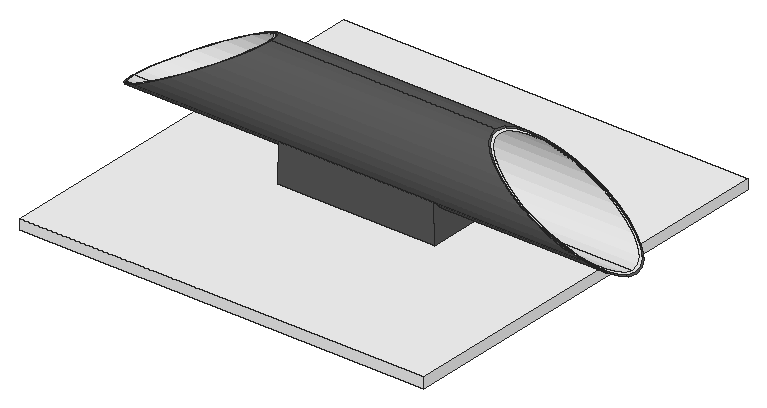
Revit family "BE_51058.2_de_DE", category Leuchten, Revit 2020
Family settings
  Basisbauteil = Fläche
  Bemaßung runder Anschluss = Durchmesser verwenden
  Teiletyp = Normal
  Beim Laden mit Abzugskörper schneiden = Ja
  Lichtquelle = Ja
  Gemeinsam genutzt = Nein
  Raumberechnungspunkt = Ja
Parameters (values of type "BEGA_51058.2_K3")
  built-in parameter 1150104 = 13.116 (stored number, unit not read)
  Wattage = 17 W
  Default Elevation = 0 mm
  built-in parameter 1150113 = 1 (stored number, unit not read)
  built-in parameter 1114218 = 1 (stored number, unit not read)
  Umgebungstemperatur = "25 °C"
  URL = "https://www.bega.com/de/produkt/51058.2"
  Typenkommentare = "© 2022 BEGA. Wir behalten uns das Recht vor, technische Änderungen ohne vorherige Ankündigung vorzunehmen."  # constant formula
  built-in parameter 1150134 = (empty or 0)
  built-in parameter 1150109 = 1 (stored number, unit not read)
  Strom = ""
  built-in parameter 1150110 = 1 (stored number, unit not read)
  Spannung = 239.996 V
  Sonderanfertigung = no
  Seriennummer [instance] = "Hier können Sie die eindeutige Seriennummer für das Facility Management eintragen."
  Schutzklasse = "I"
  Schutzart = "IP 20"
  Scheinlast = 0 VA
  Produktdatenblatt = "https://cdn.bega.com/bega/products/51058.2K3/current/documents/data-sheets/de"
  Oberflächentemperatur = ""
  Neigungswinkel = 0.00°
  Modell = "51058.2K3"
  Material_35 = BEGA_Oberfläche_Samtschwarz_matt
  Material_22 = BEGA_Oberfläche_Aluminium_matt
  Material_21 = BEGA_Oberfläche_Aluminium_poliert
  Material_17 = BEGA_Reflektor
  Material_15 = BEGA_Leuchtmedium_matt
  Material_13 = BEGA_Kunststoff_matt
  Material_11 = BEGA_Glas_opal
  Material_09 = BEGA_Glas_klar
  Material_06 = BEGA_Oberfläche_Edelstahl_gebürstet
  Material_03 = BEGA_Oberfläche_Weiss_matt
  Material_02 = BEGA_Oberfläche_Silber_matt
  Material_01 [instance] = BEGA_Oberfläche_Grafit_matt
  M_W = no
  M_G = no
  M_A = no
  Logo = 0
  built-in parameter 1114217 = 1 (stored number, unit not read)
  built-in parameter 1150139 = (empty or 0)
  built-in parameter 1150105 = 190.99 (stored number, unit not read)
  built-in parameter 1150114 = 1 (stored number, unit not read)
  Lumens = 2400.06 lm
  built-in parameter 1150115 = 1 (stored number, unit not read)
  Leuchtenlichtstrom = "640 lm"
  Leuchtenanzahl = ""
  Lebensdauerkriterien = "L70B50 @ 25 °C = 175000 h"
  Lastklassifizierung = Beleuchtung
  built-in parameter 1150112 = 1 (stored number, unit not read)
  Lampenlichtstrom = "2400 lm"
  Lampe = "LED 17 W"
  LED_Modulbezeichnung = "2x LED-0986/930"
  Hersteller = "BEGA"  # constant formula
  Halbstreuwinkel = ""
  Gewicht = "1.2 kg"
  Gebrauchslageneinschränkung [instance] = ""
  Frequenz = "0/50-60 Hz"
  Farbwiedergabeindex = "CRI > 90"
  Farbtemperaturverschiebung bei Dämpfen der Lampe = <Keine Auswahl>
  Farbtemperatur = "3000 K"
  Color Filter = 16777215
  built-in parameter 1150133 = 10 (stored number, unit not read)
  Energieeffizienzklasse = "LED A++ - A"
  built-in parameter 1150137 = (empty or 0)
  built-in parameter 1150132 = (empty or 0)
  ENEC = ""
  Dimmbar [instance] = "DALI"
  Datei für fotometrisches Netz = "BE_51058-2K3.IES"
  CE_Konformität = "ja"
  Bestellnummer = "51058.2K3"
  Beschreibung_Sonderanfertigung = "Hier können Sie Informationen zur Sonderanfertigung eintragen."
  Beschreibung = "Wandleuchte"
  built-in parameter 1150106 = 1.9099 (stored number, unit not read)
  Befestigungsbohrung = "Ø 4,5 mm"
  Befestigungsabstand = "90 x 38 mm"
  Ballwurfsicher = ""
  BEGA_Intern_aus = yes
  BEGA_Intern_an = yes
  BEGA_Intern_Konstruktion = yes
  BEGA_Intern = yes
  BEGA_IES = yes
  BEGA_Dummy = no
  Anschlussleitung = ""
  Anschlussleistung [instance] = "19.5 W"
  Anschlusskasten = ""
  built-in parameter 1150107 = 3000 (stored number, unit not read)
  built-in parameter 1150102 = (empty or 0)
  built-in parameter 1150138 = (empty or 0)
  Aktualisierung = "2022-09-12T04:00:06"
  Abstand_zur_angestrahlten_Fläche [instance] = ""
  AC/DC = "AC/DC"
Reference planes
  plane 1 "Mitte (Vorne/Hinten)": y = 0
  plane 2: z = 0
  plane 3 "Mitte (Links/Rechts)": x = 0
  plane 4 "Links": x = -249.801
  plane 5 "Rechts": x = 249.815
  plane 6 "Unten": y = -40
  plane 7 "Oben": y = 39.908
  plane 8 "Vorne": z = 101.028
Forms (mm)
  Extrusion 1, solid, material "BEGA_Platte_Weiss"
    sketch origin (0, -1119.2, 0) x (1, 0, 0) y (0, 1, 0)
      loop
        line (-200, 1319.2) -> (-200, 919.2) -> (200, 919.2) -> (200, 1319.2) -> (-200, 1319.2)
    from 0 to -10
  Extrusion 2, solid, material "BEGA_Dummy_matt", visible <- "BEGA_Dummy"
    sketch origin (80.095, -76.023, 0) x (1, 0, 0) y (0, 1, 0)
      loop
        line (-329.896, 115.932) -> (-329.896, 36.023) -> (169.72, 36.023) -> (169.72, 115.932) -> (-329.896, 115.932)
    from 0 to 101.028
Dimensions and locks
  plane 1 "Mitte (Vorne/Hinten)" to Extrusion 1 = 200 mm
  aligned and locked: plane 2 to Extrusion 1
  aligned and locked: level to Extrusion 1
Nested families
  nested 1: "BE_51058.2_Leuchte" at (0, 0, 0), type "BE_51058.2_Leuchte"
Connectors
  electrical at (0, 0, 0), driven by "Lastklassifizierung", driven by "Spannung", driven by "Scheinlast"
    settings: index 1, voltage 239.996 V, apparent load 0 VA, apparent load phase1 0 VA, apparent load phase2 0 VA, apparent load phase3 0 VA, power factor 1, load classification "Beleuchtung", number of poles 1, system type 31, power factor state 1, is connector primary yes, connector utility no, sub classification motor no, connector description ""
Definition of nested family "BE_51058.2_Leuchte"
  Parameters (values of type "BE_51058.2_Leuchte")
    Default Elevation = 1 mm
    URL = "http://www.bega.de/de/produkt"
    Type Comments = "© 2015 BEGA. Wir behalten uns das Recht vor, technische Änderungen ohne vorherige Ankündigung vorzunehmen. "  # constant formula
    Type Image = (empty or 0)
    Neigungswinkel_um_Z2 = 0.00°
    Neigungswinkel_um_Z1 = 0.00°
    Neigungswinkel_um_Y2 = 0.00°
    Neigungswinkel_um_Y1 = 0.00°
    Neigungswinkel_um_X2 = 0.00°
    Neigungswinkel_um_X1 = 0.00°
    Material_35 = none
    Material_22 = none
    Material_21 = none
    Material_15 = none
    Material_13 = none
    Länge_Platte = 200 mm  # constant formula
    Höhe_Platte = -10 mm  # constant formula
    Manufacturer = "BEGA"  # constant formula
    Drehwinkel_um_Z2 = 0.00°
    Drehwinkel_um_Z1 = 0.00°
    Breite_Platte = 200 mm  # constant formula
  Reference planes
    plane 1 "Mitte (Oben/Unten)": y = 0
    plane 2: z = 0
    plane 3 "Mitte (Links/Rechts)": x = 0
    plane 4 "Oben": y = 39.908
    plane 5 "Unten": y = -40
    plane 6: x = -249.801
    plane 7: x = 249.815
    plane 8: z = 101.028
  Forms (mm)
    Extrusion 1, solid, detail levels medium
      sketch origin (0, 0, 0) x (1, 0, 0) y (0, 1, 0)
        loop
          line (-100, 100) -> (-100, -100) -> (100, -100) -> (100, 100) -> (-100, 100)
      from 0 to -10 <- "Höhe_Platte"
    Extrusion 2, solid, material <- "Material_35"
      sketch origin (0, 0, 0) x (1, 0, 0) y (0, 0, 1)
        loop
          line (-78.176, 0) -> (76.659, 0) -> (75.967, 39.646) -> (-77.482, 39.799) -> (-78.176, 0)
      from -32.86 to 32.86
    Revolve 3, solid, material <- "Material_35"
      sketch origin (0, 0, 0) x (1, 0, 0) y (0, 0, 1)
        loop
          line (-249.815, 21.028) -> (250.185, 21.028) -> (250.185, 22.028) -> (-249.815, 22.028) -> (-249.815, 21.028)
        axis (-249.815, 61.028) -> (250.185, 61.028)
      angle from 0 to 360
    Extrusion 4, void
      sketch origin (0, 0, 0) x (1, 0, 0) y (0, 0, 1)
        loop
          line (-111.251, 101.028) -> (-264.815, 101.028) -> (-264.815, 12.368) -> (-111.251, 101.028)
        loop
          line (111.251, 101.028) -> (260.185, 15.041) -> (260.185, 101.028) -> (111.251, 101.028)
      from -46.907 to 49.699
    Revolve 5, solid, material <- "Material_13"
      sketch origin (0, 0, 0) x (1, 0, 0) y (0, 0, 1)
        loop
          line (-65.315, 61.028) -> (-60.315, 61.028) -> (-60.315, 98.528) -> (-65.315, 98.528) -> (-65.315, 61.028)
        axis (-65.315, 61.028) -> (-60.315, 61.028)
      angle from 0 to 360
    Extrusion 6, void
      sketch origin (0, 0, 0) x (0, 1, 0) y (0, 0, 1)
        loop
          circle (0, 61.028) r 40
      from -280.352 to 250
    Revolve 7, solid, material <- "Material_13"
      sketch origin (0, 0, 0) x (-1, 0, 0) y (0, 0, 1)
        loop
          line (-65.315, 61.028) -> (-60.315, 61.028) -> (-60.315, 98.528) -> (-65.315, 98.528) -> (-65.315, 61.028)
        axis (-65.315, 61.028) -> (-60.315, 61.028)
      angle from 0 to 360
    Revolve 8, solid, material <- "Material_22"
      sketch origin (0, 0, 0) x (1, 0, 0) y (0, 0, 1)
        loop
          line (250.185, 23.028) -> (-248.083, 23.028) -> (-248.083, 22.028) -> (250.185, 22.028) -> (250.185, 23.028)
        axis (-248.083, 61.028) -> (250.185, 61.028)
      angle from 0 to 360
    Revolve 9, solid, material <- "Material_21"
      sketch origin (0, 0, 0) x (1, 0, 0) y (0, 0, 1)
        loop
          line (-53.352, 97.508) -> (-53.352, 61.007) -> (-50.352, 61.007) -> (-50.352, 97.509) -> (-53.352, 97.508)
        axis (-53.352, 61.007) -> (-50.352, 61.007)
      angle from 0 to 360
    Revolve 10, solid, material <- "Material_21"
      sketch origin (0, 0, 0) x (-1, 0, 0) y (0, 0, 1)
        loop
          line (-53.352, 97.508) -> (-53.352, 61.007) -> (-50.352, 61.007) -> (-50.352, 97.509) -> (-53.352, 97.508)
        axis (-53.352, 61.007) -> (-50.352, 61.007)
      angle from 0 to 360
    Revolve 11, solid, material <- "Material_15"
      sketch origin (0, 0, 0) x (1, 0, 0) y (0, 0, 1)
        loop
          line (-54.895, 77.507) -> (-54.895, 61.007) -> (-53.352, 61.007) -> (-53.352, 77.507) -> (-54.895, 77.507)
        axis (-54.895, 61.007) -> (-53.352, 61.007)
      angle from 0 to 360
    Revolve 12, solid, material <- "Material_15"
      sketch origin (0, 0, 0) x (-1, 0, 0) y (0, 0, 1)
        loop
          line (-54.895, 77.507) -> (-54.895, 61.007) -> (-53.352, 61.007) -> (-53.352, 77.507) -> (-54.895, 77.507)
        axis (-54.895, 61.007) -> (-53.352, 61.007)
      angle from 0 to 360
  Cuts and joins
    Extrusion 4 cuts Revolve 3
    Extrusion 6 cuts Extrusion 2
    Extrusion 4 cuts Revolve 8
  Dimensions and locks
    equal spacing: Extrusion 1 sketch curve, plane 3 "Mitte (Links/Rechts)", Extrusion 1 sketch curve
    equal spacing: Extrusion 1 sketch curve, plane 1 "Mitte (Oben/Unten)", Extrusion 1 sketch curve
    "Länge_Platte": Extrusion 1 sketch curve to Extrusion 1 sketch curve
    "Breite_Platte": Extrusion 1 sketch curve to Extrusion 1 sketch curve
    plane 1 "Mitte (Oben/Unten)" to Extrusion 1 = 100 mm  (x3)
    aligned and locked: plane 2 to Extrusion 1
    aligned and locked: level to Extrusion 1
  Automatic sketch dimensions
    Extrusion 2 sketch curve to level = 0 mm
    Extrusion 2 sketch curve to plane 3 "Mitte (Links/Rechts)" = 78.176 mm
    Extrusion 2 sketch curve to Extrusion 2 sketch curve = 0.695 mm
    plane 3 "Mitte (Links/Rechts)" to Extrusion 2 sketch curve = 75.967 mm
    level to Extrusion 2 sketch curve = 0 mm
    Extrusion 2 sketch curve to Extrusion 2 sketch curve = 0.692 mm
    level to Extrusion 2 sketch curve = 39.646 mm
    level to Extrusion 2 sketch curve = 39.799 mm
    Revolve 3 sketch curve to plane 6 = 0.014 mm
    plane 7 to Revolve 3 sketch curve = 0.369 mm
    level to Revolve 3 sketch curve = 21.028 mm
    Revolve 3 sketch curve to Revolve 3 sketch curve = 1 mm
    Revolve 3 sketch curve to plane 6 = 2.014 mm
    plane 7 to Revolve 3 sketch curve = 2.369 mm
    Revolve 3 sketch curve to Revolve 3 sketch curve = 39 mm
    Extrusion 4 sketch curve to plane 8 = 0 mm  (x2)
    Extrusion 4 sketch curve to plane 6 = 15.014 mm
    Extrusion 4 sketch curve to plane 3 "Mitte (Links/Rechts)" = 111.251 mm
    plane 3 "Mitte (Links/Rechts)" to Extrusion 4 sketch curve = 111.251 mm
    plane 7 to Extrusion 4 sketch curve = 10.369 mm
    level to Extrusion 4 sketch curve = 15.041 mm
    level to Extrusion 4 sketch curve = 12.368 mm
    plane 8 to Revolve 5 sketch curve = 2.5 mm
    Revolve 5 sketch curve to plane 3 "Mitte (Links/Rechts)" = 65.315 mm
    Revolve 5 sketch curve to Revolve 5 sketch curve = 5 mm
    Revolve 5 sketch curve to Revolve 5 sketch curve = 37.5 mm
    Revolve 5 sketch curve to plane 6 = 2.014 mm
    plane 7 to Revolve 5 sketch curve = 2.369 mm
    plane 8 to Revolve 5 sketch curve = 40 mm
    Extrusion 6 sketch curve to Extrusion 6 sketch curve = 0 mm  (x2)
    Extrusion 6 sketch curve to plane 1 "Mitte (Oben/Unten)" = 0 mm
    plane 8 to Extrusion 6 sketch curve = 0 mm
    plane 8 to Extrusion 6 sketch curve = 40 mm
    Revolve 7 sketch curve to plane 8 = 2.5 mm
    Revolve 7 sketch curve to plane 3 "Mitte (Links/Rechts)" = 65.315 mm
    Revolve 7 sketch curve to Revolve 7 sketch curve = 5 mm
    Revolve 7 sketch curve to Revolve 7 sketch curve = 37.5 mm
    Revolve 7 sketch curve to plane 7 = 2 mm
    plane 6 to Revolve 7 sketch curve = 2.383 mm
    Revolve 7 sketch curve to plane 8 = 40 mm
    plane 6 to Revolve 8 sketch curve = 1.718 mm
    plane 7 to Revolve 8 sketch curve = 0.369 mm
    level to Revolve 8 sketch curve = 22.028 mm
    Revolve 8 sketch curve to Revolve 8 sketch curve = 1 mm
    Revolve 8 sketch curve to plane 6 = 2.014 mm
    plane 7 to Revolve 8 sketch curve = 2.369 mm
    Revolve 8 sketch curve to Revolve 8 sketch curve = 38 mm
    Revolve 9 sketch curve to plane 3 "Mitte (Links/Rechts)" = 53.352 mm
    Revolve 9 sketch curve to Revolve 9 sketch curve = 3 mm
    plane 8 to Revolve 9 sketch curve = 40.021 mm
    plane 8 to Revolve 9 sketch curve = 3.52 mm
    Revolve 9 sketch curve to Revolve 9 sketch curve = 0.001 mm
    Revolve 9 sketch curve to Revolve 9 sketch curve = 2.852 mm
    Revolve 9 sketch curve to Revolve 9 sketch curve = 4.148 mm
    Revolve 9 sketch curve to Revolve 9 sketch curve = 0 mm
    Revolve 10 sketch curve to plane 3 "Mitte (Links/Rechts)" = 53.352 mm
    Revolve 10 sketch curve to Revolve 10 sketch curve = 3 mm
    Revolve 10 sketch curve to plane 8 = 40.021 mm
    Revolve 10 sketch curve to plane 8 = 3.52 mm
    Revolve 10 sketch curve to Revolve 10 sketch curve = 0.001 mm
    Revolve 10 sketch curve to Revolve 10 sketch curve = 2.852 mm
    Revolve 10 sketch curve to Revolve 10 sketch curve = 4.148 mm
    Revolve 10 sketch curve to Revolve 10 sketch curve = 0 mm
    plane 8 to Revolve 11 sketch curve = 23.521 mm
    Revolve 11 sketch curve to plane 3 "Mitte (Links/Rechts)" = 54.895 mm
    Revolve 11 sketch curve to Revolve 11 sketch curve = 1.542 mm
    Revolve 11 sketch curve to Revolve 11 sketch curve = 16.5 mm
    Revolve 11 sketch curve to Revolve 11 sketch curve = 1.647 mm
    Revolve 11 sketch curve to Revolve 11 sketch curve = 1.811 mm
    Revolve 11 sketch curve to Revolve 11 sketch curve = 0 mm
    Revolve 12 sketch curve to plane 8 = 23.521 mm
    Revolve 12 sketch curve to plane 3 "Mitte (Links/Rechts)" = 54.895 mm
    Revolve 12 sketch curve to Revolve 12 sketch curve = 1.542 mm
    Revolve 12 sketch curve to Revolve 12 sketch curve = 16.5 mm
    Revolve 12 sketch curve to Revolve 12 sketch curve = 1.647 mm
    Revolve 12 sketch curve to Revolve 12 sketch curve = 1.811 mm
    Revolve 12 sketch curve to Revolve 12 sketch curve = 0 mm
